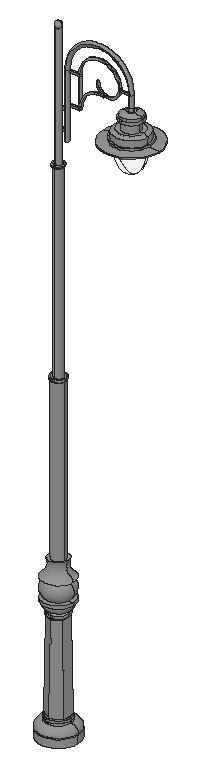
Revit family "svetilnik_alfresco_elegant-1-8_i_1-10", category Lighting Fixtures, Revit 2016 (continued)
Definition of nested family "Элегант"
  Parameters (values of type "Элегант 100Вт")
      9 130.80 105.21 85.245 65.28 \r\n49.71 34.125 26.415 18.72\r\n24.615 34.575 44.52 63.615 82.695 112.815 142.935 190.005 237.06 358.335 479.595 722.31 965.025 1106.04 1247.0699 1311.1801 1375.275 1404.885 1434.495 1421.4301 1408.365 1314.825 1221.285 1039.995 858.72 622.665 386.595 271.44 156.285 131.37 106.44 86.34 \r\n66.255 50.085 33.915 26.235 18.57\r\n24.39 34.38 44.37 63.615 82.845 112.56 142.26 187.65 233.025 349.98 466.935 690.075 913.23 1069.02 1224.825 1296.21 1367.61 1385.955 1404.3149 1386.45 1368.60 1257.99 1147.365 996.315 845.265 617.415 389.565 272.595 155.64 130.995 106.365 86.505 66.645 \r\n50.265 33.90 26.10 18.30\r\n24.165 34.23 44.31 63.60 82.89 112.14 141.39 186.315 231.225 343.47 455.715 679.83 903.96 1050.90 1197.84 1260.495 1323.15 1346.865 1370.595 1349.115 1327.635 1221.165 1114.6801 958.26 801.855 592.095 382.335 269.70 157.065 132.975 108.885 88.11 67.335 \r\n50.595 33.84 25.965 18.075\r\n23.925 34.11 44.31 63.81 83.31 112.545 141.795 184.155 226.50 332.175 437.85 660.975 884.115 1029.225 1174.335 1218.855 1263.36 1306.89 1350.4351 1320.4351 1290.4351 1200.5699 1110.705 956.745 802.77 583.92 365.055 261.06 157.065 134.22 111.375 89.595 \r\n67.815 50.76 33.705 25.80 17.88\r\n23.685 33.90 44.13 64.065 84.015 112.80 141.60 181.965 222.33 327.765 433.20 646.035 858.885 976.77 1094.67 1169.955 1245.225 1290.375 1335.51 1295.235 1254.9449 1172.625 1090.3051 923.25 756.21 563.415 370.62 264.51 158.385 134.805 111.21 89.745 68.28 \r\n50.895 33.51 25.62 17.715\r\n23.475 33.765 44.07 64.29 84.51 112.695 140.88 182.55 224.235 328.635 433.05 630.495 827.955 947.265 1066.575 1143.9449 1221.3149 1259.955 1298.595 1261.725 1224.87 1109.895 994.905 876.465 758.01 562.575 367.14 264.885 162.645 137.265 111.885 90.24 \r\n68.595 51.03 33.45 25.485 17.52\r\n23.295 33.675 44.07 64.485 84.90 113.055 141.21 183.36 225.525 331.98 438.45 611.19 783.93 920.76 1057.59 1126.095 1194.615 1215.12 1235.625 1221.8101 1208.01 1088.505 969.015 842.595 716.175 544.11 372.045 268.65 165.24 139.47 113.715 91.53 69.33 51.375 \r\n33.405 25.35 17.31\r\n23.115 33.555 43.995 64.485 84.975 113.16 141.33 182.085 222.84 320.01 417.165 593.115 769.065 894.18 1019.28 1069.785 1120.275 1167.72 1215.1801 1191.4351 1167.705 1079.91 992.13 835.875 679.62 522.435 365.25 266.265 167.28 142.005 116.745 93.165 69.60 \r\n51.435 33.27 25.17 17.07\r\n22.935 33.375 43.83 64.68 85.545 113.70 141.87 182.025 222.165 311.46 400.755 579.00 757.26 869.82 982.38 1035.705 1089.03 1153.92 1218.8101 1169.22 1119.615 1032.135 944.67 805.47 666.27 505.92 345.585 256.65 167.715 142.095 116.46 93.285 70.095 51.555 \r\n33.015 24.90 16.785\r\n22.65 33.165 43.665 65.025 86.385 114.27 142.14 183.165 224.175 309.555 394.935 555.78 716.61 826.89 937.155 1000.20 1063.245 1115.475 1167.72 1123.425 1079.145 993.855 908.565 792.75 676.92 510.39 343.845 257.91 171.975 143.835 115.68 93.225 70.755 51.75\r\n 32.745 24.615 16.50\r\n22.35 32.895 43.44 65.10 86.76 115.02 143.28 182.835 222.39 321.555 420.72 556.215 691.71 800.205 908.70 959.835 1010.955 998.79 986.61 987.015 987.42 932.01 876.60 758.10 639.60 509.76 379.92 277.50 175.065 145.65 116.22 93.765 71.31 51.96 32.61 24.405 \r\n16.20\r\n21.99 32.55 43.095 64.98 86.88 114.75 142.62 182.55 222.48 316.395 410.295 558.15 705.99 801.525 897.06 894.81 892.56 924.15 955.755 932.055 908.37 888.645 868.905 740.94 612.975 496.50 380.01 278.415 176.82 148.995 121.155 96.27 71.40 51.885 32.37 24.15 \r\n15.93\r\n21.645 32.22 42.81 64.65 86.49 114.90 143.325 182.805 222.285 306.27 390.255 546.645 703.05 763.32 823.605 825.195 826.785 883.83 940.875 913.65 886.425 838.365 790.305 715.365 640.425 499.335 358.26 268.605 178.95 149.865 120.78 95.97 71.16 51.645 32.145\r\n 23.91 15.66\r\n21.285 31.83 42.39 64.17 85.95 114.66 143.355 183.15 222.93 306.63 390.33 519.015 647.715 726.03 804.345 814.575 824.805 877.395 930.00 885.81 841.635 810.03 778.41 708.045 637.665 491.76 345.855 263.775 181.695 151.29 120.87 95.82 70.77 51.33 31.89 \r\n23.625 15.36\r\n20.955 31.515 42.075 63.645 85.23 113.505 141.78 180.57 219.36 309.345 399.33 512.49 625.65 707.22 788.79 758.25 727.71 744.315 760.92 741.75 722.565 726.975 731.37 653.67 575.97 467.325 358.68 268.635 178.59 149.16 119.73 95.085 70.44 51.09 31.74 23.415 \r\n15.105\r\n20.715 31.245 41.775 63.195 84.615 112.89 141.165 178.995 216.81 303.72 390.63 531.06 671.505 697.155 722.805 761.325 799.83 842.295 884.76 852.00 819.225 753.06 686.895 626.715 566.535 463.08 359.64 267.87 176.10 147.93 119.745 94.965 70.185 50.88 31.575\r\n 23.25 14.91\r\n20.535 31.035 41.55 62.805 84.075 111.915 139.755 177.72 215.70 296.07 376.425 527.55 678.66 705.00 731.325 719.46 707.595 793.59 879.57 850.425 821.265 773.76 726.24 674.325 622.41 491.40 360.39 267.195 174.00 146.76 119.52 94.725 69.93 50.715 31.515 \r\n23.145 14.79\r\n20.43 30.90 41.385 62.475 83.58 111.33 139.095 176.52 213.945 298.53 383.10 506.865 630.63 671.505 712.365 699.525 686.685 695.28 703.875 701.16 698.445 687.69 676.92 646.245 615.555 487.98 360.39 268.425 176.445 147.075 117.69 93.63 69.57 50.535 31.50 \r\n23.10 14.70\r\n20.31 30.765 41.22 62.16 83.10 110.085 137.07 175.185 213.30 302.49 391.68 504.855 618.015 679.305 740.58 717.24 693.885 760.965 828.045 762.60 697.155 660.42 623.67 589.56 555.435 460.395 365.37 270.885 176.415 145.95 115.50 92.37 69.24 50.385 31.53 \r\n23.055 14.58\r\n20.175 30.555 40.935 61.935 82.92 109.89 136.845 174.285 211.74 302.04 392.34 511.425 630.495 684.495 738.48 730.35 722.235 779.97 837.72 787.08 736.425 718.005 699.585 621.525 543.45 452.505 361.56 268.575 175.605 145.575 115.545 92.295 69.045 50.235 \r\n31.41 22.95 14.505\r\n20.085 30.435 40.77 61.74 82.71 109.815 136.905 173.97 211.035 299.715 388.41 508.515 628.62 651.66 674.685 675.975 677.25 732.06 786.87 763.05 739.245 721.02 702.78 627.72 552.66 461.445 370.23 272.895 175.575 145.14 114.705 91.89 69.075 50.19 31.305 \r\n22.86 14.43\r\n19.98 30.24 40.515 61.50 82.485 109.695 136.89 175.305 213.72 302.76 391.785 503.73 615.675 654.855 694.035 645.87 597.69 629.01 660.33 623.055 585.795 591.645 597.48 582.525 567.555 470.865 374.16 275.775 177.375 145.935 114.51 91.71 68.91 50.025 31.14 \r\n22.74 14.355\r\n19.86 30.015 40.185 61.32 82.44 109.05 135.675 174.06 212.43 303.87 395.295 503.895 612.495 655.605 698.73 688.95 679.185 751.11 823.02 763.50 703.98 658.92 613.875 577.98 542.07 455.04 367.995 274.86 181.725 147.99 114.255 91.635 69.00 49.935 30.855 \r\n22.56 14.265\r\n19.77 29.865 39.945 61.125 82.305 108.885 135.48 172.74 210.00 303.30 396.60 507.42 618.24 653.445 688.65 678.21 667.785 742.14 816.51 757.095 697.68 697.44 697.20 623.175 549.15 459.33 369.525 275.19 180.87 147.075 113.28 91.245 69.195 49.935 30.675 \r\n22.455 14.22\r\n19.71 29.685 39.645 60.99 82.32 109.32 136.32 174.255 212.19 301.665 391.14 498.645 606.15 645.135 684.12 658.65 633.18 694.98 756.795 729.27 701.76 670.635 639.51 594.375 549.255 463.14 377.025 278.415 179.79 147.045 114.30 91.86 69.42 49.92 30.435 \r\n22.305 14.19\r\n19.725 29.625 39.525 60.945 82.365 109.185 136.005 173.685 211.365 303.315 395.28 505.575 615.885 653.685 691.485 623.49 555.495 588.72 621.945 604.41 586.86 601.32 615.765 580.26 544.77 462.57 380.355 281.40 182.445 147.975 113.52 91.455 69.405 49.89 \r\n30.39 22.29 14.19\r\n19.77 29.565 39.345 60.81 82.26 109.035 135.795 173.07 210.33 302.835 395.34 507.135 618.93 647.175 675.435 678.225 681.015 736.755 792.51 720.855 649.20 659.985 670.77 605.475 540.195 458.475 376.77 279.78 182.79 148.29 113.805 91.68 69.54 49.935 30.33 \r\n22.305 14.28\r\n19.80 29.535 39.27 60.735 82.20 108.54 134.895 172.83 210.75 300.945 391.14 508.005 624.87 647.565 670.26 663.855 657.465 728.04 798.615 739.80 680.985 664.05 647.115 599.52 551.94 467.34 382.74 282.915 183.09 149.025 114.945 92.325 69.69 49.98 30.27 \r\n22.335 14.415\r\n19.875 29.52 39.165 60.72 82.29 108.87 135.45 173.22 210.99 302.385 393.765 506.34 618.915 662.235 705.57 660.93 616.305 674.445 732.57 696.24 659.91 645.915 631.92 591.165 550.41 462.495 374.58 279.705 184.83 149.145 113.46 91.56 69.675 49.935 30.21 \r\n22.35 14.49\r\n19.89 29.49 39.105 60.69 82.275 108.495 134.73 172.47 210.195 302.55 394.905 511.80 628.695 669.405 710.10 719.73 729.36 795.555 861.75 766.185 670.605 677.265 683.925 615.855 547.77 463.74 379.725 282.81 185.88 149.67 113.46 91.53 69.60 49.875 30.165 \r\n22.365 14.58\r\n19.86 29.445 39.015 60.735 82.47 108.84 135.225 174.03 212.835 304.245 395.655 511.335 627.015 666.81 706.605 722.67 738.735 813.45 888.15 819.36 750.555 736.125 721.68 634.515 547.365 463.635 379.92 282.87 185.82 149.685 113.55 91.575 69.60 49.815 30.045\r\n 22.35 14.655\r\n19.83 29.43 39.03 60.96 82.89 109.965 137.055 175.86 214.665 306.075 397.47 510.255 623.04 673.185 723.33 697.59 671.85 751.905 831.945 795.165 758.385 717.66 676.92 609.96 543.00 461.37 379.725 286.14 192.555 153.555 114.54 92.175 69.81 49.89 29.97 \r\n22.275 14.595\r\n19.725 29.325 38.925 61.26 83.58 110.235 136.905 175.38 213.855 306.435 399.03 514.155 629.295 683.055 736.83 729.84 722.85 787.29 851.73 766.29 680.85 692.325 703.80 625.815 547.83 463.815 379.80 284.265 188.73 152.19 115.65 92.865 70.08 49.95 29.82 \r\n22.185 14.535\r\n19.65 29.205 38.76 61.125 83.49 110.385 137.28 176.22 215.145 304.845 394.53 508.68 622.815 672.12 721.44 732.375 743.31 798.645 853.98 787.68 721.38 722.265 723.15 636.525 549.885 461.58 373.275 282.66 192.045 154.005 115.965 93.075 70.185 49.92 29.67 \r\n22.05 14.43\r\n19.53 29.10 38.67 61.005 83.34 110.355 137.385 175.935 214.485 306.525 398.55 506.625 614.685 667.98 721.275 708.795 696.315 765.15 833.97 789.705 745.44 725.355 705.285 624.51 543.735 458.295 372.855 283.275 193.71 155.205 116.70 93.39 70.08 49.77 29.46 \r\n21.885 14.31\r\n19.41 28.965 38.52 60.87 83.22 110.295 137.355 175.17 213.00 303.945 394.905 505.08 615.24 680.73 746.235 728.67 711.12 785.985 860.865 778.305 695.76 698.805 701.865 624.03 546.21 461.37 376.53 283.74 190.935 153.885 116.82 93.405 69.975 49.62 29.265 \r\n21.75 14.235\r\n19.32 28.845 38.37 60.855 83.34 110.325 137.31 175.68 214.05 305.19 396.33 504.615 612.90 675.42 737.955 738.03 738.12 789.075 840.03 796.50 752.955 736.92 720.885 633.735 546.60 459.525 372.45 282.825 193.20 154.965 116.715 93.315 69.915 49.515 29.10 \r\n21.615 14.13\r\n19.29 28.845 38.40 60.96 83.505 110.46 137.43 175.545 213.66 305.31 396.975 507.33 617.70 678.81 739.935 733.995 728.07 795.18 862.275 806.76 751.23 737.46 723.705 638.895 554.085 464.07 374.055 283.725 193.41 154.935 116.475 93.15 69.81 49.47 29.115 \r\n21.60 14.10\r\n19.29 28.845 38.40 60.84 83.28 110.22 137.175 175.53 213.885 304.875 395.88 509.175 622.485 682.395 742.305 722.31 702.33 786.72 871.11 790.815 710.52 713.535 716.565 635.895 555.21 465.21 375.21 284.28 193.35 155.01 116.67 93.255 69.825 49.425 29.025 \r\n21.555 14.085\r\n19.47 29.025 38.58 61.08 83.58 110.61 137.625 175.83 214.035 306.27 398.52 508.26 618.00 672.195 726.375 733.62 740.85 802.065 863.265 821.61 779.97 742.65 705.315 632.805 560.295 470.13 379.965 286.425 192.87 154.56 116.265 93.18 70.11 49.62 29.145 21.69\r\n 14.235\r\n19.68 29.205 38.715 61.20 83.70 110.79 137.88 176.295 214.725 307.365 400.02 511.875 623.73 684.285 744.84 747.45 750.045 809.55 869.04 797.04 725.055 730.56 736.065 651.795 567.525 472.005 376.485 285.615 194.73 155.55 116.355 93.33 70.32 49.83 29.355 \r\n21.885 14.415\r\n19.83 29.355 38.865 61.20 83.535 110.34 137.145 175.485 213.825 309.90 405.96 512.805 619.665 681.81 743.97 713.04 682.11 772.56 863.025 782.205 701.385 710.025 718.68 647.385 576.09 480.285 384.465 287.94 191.415 153.795 116.16 93.30 70.455 49.98 29.52 \r\n22.035 14.55\r\n19.935 29.475 39.00 61.125 83.265 110.265 137.25 175.395 213.525 306.48 399.45 510.885 622.32 665.955 709.59 706.395 703.20 778.785 854.355 819.435 784.50 735.51 686.505 634.425 582.33 483.30 384.255 287.775 191.31 153.72 116.13 93.075 70.035 49.845 29.67\r\n 22.17 14.67\r\n20.085 29.58 39.09 60.945 82.785 109.53 136.275 173.76 211.245 305.28 399.315 511.305 623.295 667.785 712.29 739.785 767.295 838.95 910.605 838.23 765.855 748.11 730.365 657.495 584.61 483.09 381.585 285.765 189.96 152.37 114.78 92.325 69.855 49.785 \r\n29.715 22.23 14.745\r\n20.205 29.625 39.03 60.78 82.53 109.05 135.57 172.905 210.255 306.375 402.51 513.51 624.51 665.82 707.115 663.075 619.02 669.765 720.51 670.995 621.48 656.16 690.825 637.305 583.77 486.135 388.50 287.31 186.12 149.895 113.67 91.605 69.525 49.635 29.73 \r\n22.275 14.82\r\n20.25 29.64 39.03 60.72 82.425 108.99 135.555 173.07 210.585 304.365 398.13 506.79 615.435 656.655 697.86 656.37 614.865 665.22 715.59 698.07 680.55 662.49 644.43 615.165 585.915 485.25 384.585 285.885 187.185 150.555 113.925 91.635 69.345 49.53 29.70 \r\n22.245 14.79\r\n20.25 29.67 39.075 60.63 82.185 108.795 135.405 172.47 209.535 306.165 402.795 513.165 623.55 647.49 671.43 669.18 666.93 753.345 839.76 767.295 694.845 674.505 654.15 618.30 582.45 485.07 387.705 285.93 184.14 148.56 112.965 90.99 69.015 49.32 29.625 \r\n22.185 14.76\r\n20.235 29.61 38.97 60.525 82.065 108.915 135.765 173.46 211.155 305.115 399.075 504.66 610.245 636.315 662.385 657.81 653.235 727.38 801.54 731.295 661.05 659.505 657.975 623.58 589.185 489.06 388.95 286.98 185.01 149.25 113.475 91.155 68.82 49.17 29.505 \r\n22.125 14.745\r\n20.205 29.595 38.985 60.57 82.155 108.66 135.165 172.215 209.25 307.23 405.21 507.48 609.75 654.36 698.97 648.465 597.975 620.745 643.53 658.665 673.785 671.79 669.795 626.355 582.93 487.05 391.17 287.745 184.32 148.845 113.355 90.99 68.625 49.065 29.52 \r\n22.065 14.625\r\n20.175 29.64 39.12 60.435 81.765 108.63 135.51 172.62 209.73 305.01 400.29 508.005 615.705 643.035 670.38 656.595 642.81 719.04 795.255 751.62 707.985 679.695 651.405 619.935 588.48 486.615 384.75 283.155 181.575 147.315 113.055 90.72 68.385 48.915 29.445\r\n 21.975 14.52\r\n20.19 29.70 39.21 60.36 81.495 108.57 135.645 174.33 213.00 306.195 399.375 505.095 610.83 649.29 687.765 686.34 684.93 753.705 822.48 765.465 708.45 701.265 694.08 633.63 573.165 477.765 382.365 281.115 179.865 146.715 113.565 90.84 68.10 48.825 29.535 \r\n22.02 14.49\r\n20.205 29.775 39.33 60.42 81.51 108.735 135.96 174.24 212.535 307.665 402.81 502.08 601.35 642.66 683.97 637.965 591.975 697.635 803.295 729.285 655.275 639.81 624.33 596.40 568.47 473.10 377.715 280.20 182.67 147.93 113.205 90.54 67.89 48.72 29.535 22.02\r\n 14.49\r\n20.325 29.82 39.315 60.315 81.30 108.45 135.60 172.965 210.315 304.305 398.295 500.79 603.27 641.91 680.535 662.055 643.56 675.435 707.31 702.855 698.415 669.09 639.765 614.70 589.65 483.03 376.425 278.145 179.865 146.565 113.265 90.51 67.755 48.69 29.64 \r\n22.095 14.535\r\n20.37 29.91 39.435 60.315 81.18 108.135 135.09 172.305 209.535 303.105 396.675 509.415 622.17 648.435 674.715 674.46 674.205 744.165 814.14 783.66 753.18 726.345 699.51 652.275 605.04 488.31 371.58 273.915 176.235 144.06 111.885 89.745 67.62 48.675 29.745\r\n 22.17 14.595\r\n20.475 29.985 39.51 60.345 81.165 108.525 135.885 173.325 210.765 302.40 394.035 504.915 615.78 668.505 721.23 727.695 734.16 786.165 838.185 797.115 756.03 718.80 681.585 633.51 585.435 478.80 372.165 274.08 176.01 144.39 112.755 90.18 67.605 48.60 \r\n29.595 22.11 14.64\r\n20.595 30.045 39.51 60.21 80.91 108.645 136.365 172.995 209.61 301.56 393.51 503.625 613.74 695.19 776.625 695.10 613.59 638.67 663.75 640.905 618.045 653.055 688.05 636.015 583.98 475.83 367.695 272.37 177.03 145.50 113.985 90.675 67.365 48.48 29.595 \r\n22.155 14.715\r\n20.67 30.105 39.54 60.33 81.12 108.855 136.59 174.90 213.21 301.875 390.525 516.66 642.795 680.28 717.75 709.455 701.16 779.685 858.195 812.925 767.67 727.65 687.645 665.70 643.755 501.465 359.175 267.96 176.745 145.335 113.94 90.615 67.305 48.405 29.52 \r\n22.14 14.76\r\n20.805 30.15 39.495 60.495 81.495 110.055 138.615 176.445 214.29 301.95 389.595 538.38 687.165 704.805 722.445 740.52 758.595 806.61 854.625 833.64 812.67 772.68 732.69 691.395 650.10 499.62 349.14 264.03 178.92 147.00 115.065 91.215 67.35 48.345 29.355 \r\n22.095 14.835\r\n20.91 30.21 39.525 60.675 81.825 110.82 139.815 177.345 214.89 308.52 402.165 533.235 664.305 706.875 749.445 730.635 711.81 805.83 899.835 812.37 724.92 717.57 710.235 652.725 595.215 480.87 366.51 271.815 177.10
